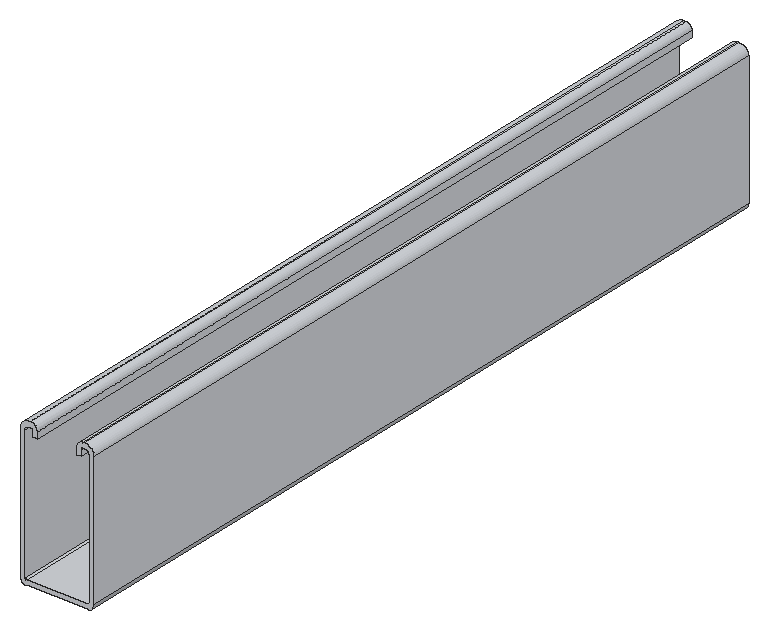
Revit family "Channel-Unistrut-P5000_KO", category Specialty Equipment, Revit 2012
Parameters (values of type "P5000 HS")
  ecoScorecard_data = ""
  ecoScorecard Product Page = ""
  Weight Per Foot = 3.05 lbf/ft
  Unit = none
  URL = "http://unistrut.us/index.php"
  Subcategory = "1 5/8\" Channels"
  Product Page URL = "http://unistrut.us/index.php?WP=cat_detail&S=S05&P=P5000ko"
  Power Strut Part Number = "PS 200 KO6"  # constant formula
  Part Type = "Channel"  # constant formula
  Part Number = ""
  Overall Width = 1 5/8"  # constant formula
  Overall Height = 3 1/4"  # constant formula
  Model = "P5000 KO"  # constant formula
  Material = "Multiple Options - See Catalog"
  Manufacturer Toll Free Phone = "800-882-5543"  # constant formula
  Manufacturer Phone = "708-339-1610"  # constant formula
  Manufacturer Fax = "708-339-7814"  # constant formula
  Manufacturer Email = "mailto:questions@atkore.com"
  Manufacturer Address = "16100 South Lathrop Avenue, Harvey, IL 60426"  # constant formula
  Manufacturer = "Unistrut by Atkore International"  # constant formula
  Load Capacity Note = "Visit the product page for load application and capacity."  # constant formula
  Literature URL = "http://unistrut.us/index.php?WP=LItLibrary"
  Length [instance] = 18"
  Hole Spacing On Center Dimension = 6"
  Gauge Thickness = "12 Gauge (.105”)"  # constant formula
  Description = "P5000 KO Channel"  # constant formula
  Cost Info = "mailto:questions@atkore.com"
  Construction Note = "7⁄8\" Knockouts @ 6\" on Center"
  Category = "Specialty Equipment"  # constant formula
  CSI MasterSpec = "http://www.unistrut.us/a_files/TechRef/Unistrut_CSI_05430.pdf"
  CAD URL = "http://unistrut.us/index.php?WP=CAD3d"
  Assembly Code = "D5020100"
  95 CSI = "16070"  # constant formula
  04 CSI = "26 05 48"  # constant formula
Reference planes (in)
  plane 1 "Center (Front/Back)": y = 0
  plane 2: z = 0
  plane 3 "Center (Left/Right)": x = 0
  plane 4: z = 3.25
  plane 5: y = 9
  plane 6: x = -0.8125
  plane 7: y = -9
  plane 8: x = 0.8125
  plane 9: y = -3
Dimensions and locks (in)
  "Overall Height": plane 4 to level
  equal spacing: plane 6, plane 3 "Center (Left/Right)", plane 8
  "Overall Width": plane 6 to plane 8
  equal spacing: plane 5, plane 1 "Center (Front/Back)", plane 7
  "Length": plane 5 to plane 7
  "Hole Spacing On Center Dimension": plane 7 to plane 9
  aligned and locked: level to plane 2
  aligned and locked: plane 1 "Center (Front/Back)" to nested 1
  aligned and locked: plane 3 "Center (Left/Right)" to nested 1
  aligned and locked: nested 1 to level
Nested families (in)
  nested 1: "P5000KO Channel" at (0, 0, 0), Length <- "Length", Knockouts Spacing On Center <- "Hole Spacing On Center Dimension", type "P5000KO Channel"
    with Length 18", Knockouts Spacing On Center 6", # Of Array 2
Definition of nested family "P5000KO Channel"
  Parameters (values of type "P5000KO Channel")
    Width = 1 5/8"  # constant formula
    Unit = none
    Length [instance] = 60"
    Knockouts Spacing On Center [instance] = 6"
    Hole Radius = 7/16"  # constant formula
    Height = 3 1/4"  # constant formula
    # Of Array [instance] = (Length / Knockouts Spacing On Center) - 1  # 9
  Reference planes (in)
    plane 1 "Center (Front/Back)": y = 0
    plane 2: z = 0
    plane 3 "Center (Left/Right)": x = 0
    plane 4: z = 3.25
    plane 5: x = -0.8125
    plane 6: x = 0.8125
    plane 7: y = 30
    plane 8: y = -30
    plane 9: x = 0.4375
    plane 10: x = -0.4375
    plane 11: z = 2.96875
    plane 12: y = -24
    plane 13: y = -18
    plane 14: z = 0.105
  Forms (in)
    Sweep 1, solid, material <- "Unit", detail levels fine
      path origin (0, 0, 0) x (1, 0, 0) y (0, 1, 0)
        loop
          line (0, 30) -> (0, -30)
      profile origin (0, 0, 0) x (1, 0, 0) y (0, 0, 1)
        loop
          line (0.8125, 0.13625) -> (0.8125, 3.05125)
          arc (0.8125, 3.05125) -> (0.75429, 3.19179) -> (0.61375, 3.25) r 0.19875
          line (0.61375, 3.25) -> (0.57375, 3.25)
          arc (0.57375, 3.25) -> (0.47741, 3.21009) -> (0.4375, 3.11375) r 0.13625
          line (0.4375, 3.11375) -> (0.4375, 2.969) -> (0.5425, 2.969) -> (0.5425, 3.11375)
          arc (0.5425, 3.11375) -> (0.55165, 3.13585) -> (0.57375, 3.145) r 0.03125
          line (0.57375, 3.145) -> (0.61375, 3.145)
          arc (0.61375, 3.145) -> (0.68004, 3.11754) -> (0.7075, 3.05125) r 0.09375
          line (0.7075, 3.05125) -> (0.7075, 0.13625)
          arc (0.7075, 0.13625) -> (0.69835, 0.11415) -> (0.67625, 0.105) r 0.03125
          line (0.67625, 0.105) -> (-0.67625, 0.105)
          arc (-0.67625, 0.105) -> (-0.69835, 0.11415) -> (-0.7075, 0.13625) r 0.03125
          line (-0.7075, 0.13625) -> (-0.7075, 3.05125)
          arc (-0.7075, 3.05125) -> (-0.68004, 3.11754) -> (-0.61375, 3.145) r 0.09375
          line (-0.61375, 3.145) -> (-0.57375, 3.145)
          arc (-0.57375, 3.145) -> (-0.55165, 3.13585) -> (-0.5425, 3.11375) r 0.03125
          line (-0.5425, 3.11375) -> (-0.5425, 2.969) -> (-0.4375, 2.969) -> (-0.4375, 3.11375)
          arc (-0.4375, 3.11375) -> (-0.47741, 3.21009) -> (-0.57375, 3.25) r 0.13625
          line (-0.57375, 3.25) -> (-0.61375, 3.25)
          arc (-0.61375, 3.25) -> (-0.75429, 3.19179) -> (-0.8125, 3.05125) r 0.19875
          line (-0.8125, 3.05125) -> (-0.8125, 0.13625)
          arc (-0.8125, 0.13625) -> (-0.77259, 0.03991) -> (-0.67625, 0) r 0.13625
          line (-0.67625, 0) -> (0.67625, 0)
          arc (0.67625, 0) -> (0.77259, 0.03991) -> (0.8125, 0.13625) r 0.13625
    Extrusion 2, void
      sketch origin (-0.67625, -180, 0.105) x (0, -1, 0) y (-1, 0, 0)
        loop
          circle (-156, -0.67625) r 0.4375
      from 0 to 0.105
    Extrusion 3, void
      sketch origin (-0.67625, -174, 0.105) x (0, -1, 0) y (-1, 0, 0)
        loop
          circle (-156, -0.67625) r 0.4375
      from 0 to 0.105
    Extrusion 4, void
      sketch origin (-0.67625, -168, 0.105) x (0, -1, 0) y (-1, 0, 0)
        loop
          circle (-156, -0.67625) r 0.4375
      from 0 to 0.105
    Extrusion 5, void
      sketch origin (-0.67625, -162, 0.105) x (0, -1, 0) y (-1, 0, 0)
        loop
          circle (-156, -0.67625) r 0.4375
      from 0 to 0.105
    Extrusion 6, void
      sketch origin (-0.67625, -156, 0.105) x (0, -1, 0) y (-1, 0, 0)
        loop
          circle (-156, -0.67625) r 0.4375
      from 0 to 0.105
    Extrusion 7, void
      sketch origin (-0.67625, -150, 0.105) x (0, -1, 0) y (-1, 0, 0)
        loop
          circle (-156, -0.67625) r 0.4375
      from 0 to 0.105
    Extrusion 8, void
      sketch origin (-0.67625, -144, 0.105) x (0, -1, 0) y (-1, 0, 0)
        loop
          circle (-156, -0.67625) r 0.4375
      from 0 to 0.105
    Extrusion 9, void
      sketch origin (-0.67625, -138, 0.105) x (0, -1, 0) y (-1, 0, 0)
        loop
          circle (-156, -0.67625) r 0.4375
      from 0 to 0.105
    Extrusion 10, void
      sketch origin (-0.67625, -132, 0.105) x (0, -1, 0) y (-1, 0, 0)
        loop
          circle (-156, -0.67625) r 0.4375
      from 0 to 0.105
  Cuts and joins
    Extrusion 2, Extrusion 3, Extrusion 4, Extrusion 5, Extrusion 6, Extrusion 7, Extrusion 8, Extrusion 9, Extrusion 10 cuts Sweep 1
  Lines and regions (in)
    symbolic lines, style "Channel", detail levels fine
      curve 1: line (-0.8125, 30, 0.105) -> (0.8125, 30, 0.105)
      curve 2: line (0.8125, 30, 0.105) -> (0.8125, -30, 0.105)
      curve 3: line (0.4375, 30, 0.105) -> (0.4375, -30, 0.105)
      curve 4: line (-0.4375, 30, 0.105) -> (-0.4375, -30, 0.105)
      curve 5: line (-0.8125, 30, 0.105) -> (-0.8125, -30, 0.105)
      curve 6: line (-0.8125, -30, 0.105) -> (0.8125, -30, 0.105)
  Dimensions and locks (in)
    "Height": plane 4 to level
    equal spacing: plane 6, plane 3 "Center (Left/Right)", plane 5
    "Width": plane 6 to plane 5
    equal spacing: plane 7, plane 1 "Center (Front/Back)", plane 8
    "Length": plane 7 to plane 8
    locked: plane 6 to plane 9 at 0.375
    locked: plane 5 to plane 10 at 0.375
    locked: plane 4 to plane 11 at 0.28125
    "Knockouts Spacing On Center": plane 8 to plane 12
    "Knockouts Spacing On Center": plane 13 to plane 12
    locked: plane 14 to level at 0.105
    equal spacing: group 1, group 2, group 3, group 4, group 5, group 6, group 7, group 8, group 9  (x3)
    aligned and locked: plane 2 to level
    aligned and locked: plane 7 to Sweep 1 sketch curve
    aligned and locked: plane 8 to Sweep 1 sketch curve
    aligned and locked: Sweep 1 sketch curve to plane 3 "Center (Left/Right)"
    aligned and locked: nested 1 to plane 12
    aligned and locked: plane 3 "Center (Left/Right)" to nested 1
    aligned and locked: nested 1 to plane 14
    aligned and locked: curve 1 to plane 7
    aligned and locked: curve 2 to plane 6
    aligned and locked: curve 3 to plane 9
    aligned and locked: plane 10 to curve 4
    aligned and locked: plane 8 to curve 6
    aligned and locked: plane 1 "Center (Front/Back)" to nested 2
    aligned and locked: plane 3 "Center (Left/Right)" to nested 2
    aligned and locked: nested 2 to level
    aligned and locked: nested 3 to plane 13
    aligned and locked: plane 3 "Center (Left/Right)" to nested 3
    aligned and locked: Sweep 1 to Extrusion 2
    aligned and locked: Extrusion 2 to level
  Automatic sketch dimensions
    Sweep 1 sketch curve to Sweep 1 sketch curve = 0"  (x13)
    Sweep 1 sketch curve to level = 0"
    level to Sweep 1 sketch curve = 0.13625"
    profile plane to Sweep 1 sketch curve = 13/16"
    Sweep 1 sketch curve to Sweep 1 sketch curve = 1/32"  (x3)
    Sweep 1 sketch curve to Sweep 1 sketch curve = 3/32"
    Sweep 1 sketch curve to Sweep 1 sketch curve = 0.04"  (x2)
    Sweep 1 sketch curve to Sweep 1 sketch curve = 0.07125"
    Sweep 1 sketch curve to profile plane = 7/16"
    Sweep 1 sketch curve to profile plane = 0.67625"
    Sweep 1 sketch curve to Sweep 1 sketch curve = 2.83275"
    Sweep 1 sketch curve to Sweep 1 sketch curve = 0.08225"  (x2)
    curve 5 to plane 5 = 0"
    radius of Extrusion 2 sketch curve = 7/16"
    radius of Extrusion 3 sketch curve = 7/16"
    radius of Extrusion 4 sketch curve = 7/16"
    radius of Extrusion 5 sketch curve = 7/16"
    radius of Extrusion 6 sketch curve = 7/16"
    radius of Extrusion 7 sketch curve = 7/16"
    radius of Extrusion 8 sketch curve = 7/16"
    radius of Extrusion 9 sketch curve = 7/16"
    radius of Extrusion 10 sketch curve = 7/16"
  Nested families (in)
    nested 1: "Model Line" at (0, -24, 0.105), type "Model Line", detail levels fine
      with Hole Radius 7/16"
    nested 2: "P5000 HS_Detail" at (0, 0, 0), type "P5000 HS_Detail"
      with Length 60"
    nested 3: "Model Line" at (0, -18, 0.105), type "Model Line", detail levels fine
      with Hole Radius 7/16"
    nested 4: "Model Line" at (0, -12, 0.105), type "Model Line", detail levels fine
      with Hole Radius 7/16"
    nested 5: "Model Line" at (0, -6, 0.105), type "Model Line", detail levels fine
      with Hole Radius 7/16"
    nested 6: "Model Line" at (0, 0, 0.105), type "Model Line", detail levels fine
      with Hole Radius 7/16"
    nested 7: "Model Line" at (0, 6, 0.105), type "Model Line", detail levels fine
      with Hole Radius 7/16"
    nested 8: "Model Line" at (0, 12, 0.105), type "Model Line", detail levels fine
      with Hole Radius 7/16"
    nested 9: "Model Line" at (0, 18, 0.105), type "Model Line", detail levels fine
      with Hole Radius 7/16"
    nested 10: "Model Line" at (0, 24, 0.105), type "Model Line", detail levels fine
      with Hole Radius 7/16"
  Definition of nested family "Model Line"
    Parameters (values of type "Model Line")
      Hole Radius = 9/32"
    Reference planes (in)
      plane 1 "Center (Front/Back)": y = 0
      plane 2: z = 0
      plane 3 "Center (Left/Right)": x = 0
    Lines and regions (in)
      model lines, style "Channel"
        curve 1: circle (0, 0, 0) r 0.28125 normal (0, 0, 1)
    Dimensions and locks (in)
      "Hole Radius": radius of curve 1
      radius of curve 1 = 9/32"
      aligned and locked: plane 2 to level
      aligned and locked: plane 3 "Center (Left/Right)" to curve 1
      aligned and locked: plane 1 "Center (Front/Back)" to curve 1
  Definition of nested family "P5000 HS_Detail"
    Parameters (values of type "P5000 HS_Detail")
      Unit = none
      Length = 12"
      Height = 3 1/4"  # constant formula
      Depth = 1 5/8"  # constant formula
    Reference planes (in)
      plane 1 "Center (Front/Back)": y = 0
      plane 2: z = 0
      plane 3 "Center (Left/Right)": x = 0
      plane 4: y = 6
      plane 5: y = -6
      plane 6: x = -0.8125
      plane 7: x = 0.8125
      plane 8: z = 3.25
    Forms (in)
      Sweep 1, solid, material <- "Unit", detail levels coarse+medium
        path origin (0, 0, 0) x (1, 0, 0) y (0, 1, 0)
          loop
            line (0, 6) -> (0, -6)
        profile origin (0, 0, 0) x (1, 0, 0) y (0, 0, 1)
          loop
            line (0.8125, 3.25) -> (-0.8125, 3.25) -> (-0.8125, 0) -> (0.8125, 0) -> (0.8125, 3.25)
    Lines and regions (in)
      symbolic lines, style "Channel", detail levels coarse+medium
        curve 1: line (-0.8125, 6, 0) -> (0.8125, 6, 0)
        curve 2: line (0.8125, 6, 0) -> (0.8125, -6, 0)
        curve 3: line (-0.8125, 6, 0) -> (-0.8125, -6, 0)
        curve 4: line (-0.8125, -6, 0) -> (0.8125, -6, 0)
    Dimensions and locks (in)
      equal spacing: plane 6, plane 3 "Center (Left/Right)", plane 7
      "Depth": plane 6 to plane 7
      equal spacing: plane 4, plane 1 "Center (Front/Back)", plane 5
      "Length": plane 4 to plane 5
      "Height": plane 8 to level
      aligned and locked: plane 2 to level
      aligned and locked: plane 5 to Sweep 1 sketch curve
      aligned and locked: plane 4 to Sweep 1 sketch curve
      aligned and locked: Sweep 1 sketch curve to plane 3 "Center (Left/Right)"
      aligned and locked: Sweep 1 sketch curve to plane 7
      aligned and locked: Sweep 1 sketch curve to plane 8
      aligned and locked: Sweep 1 sketch curve to plane 6
      aligned and locked: Sweep 1 sketch curve to level
      aligned and locked: curve 1 to plane 4
      aligned and locked: curve 2 to plane 7
      aligned and locked: curve 3 to plane 6
      aligned and locked: curve 4 to plane 5
